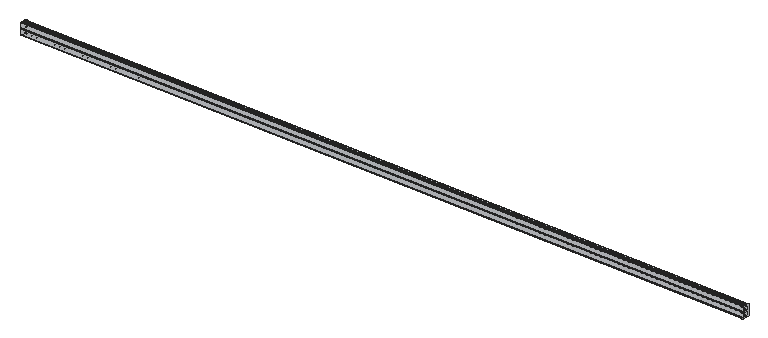
Revit family "Montageschiene 45- 90-2,5 D  6m fsv Langloch 2D", category HLS-Bauteile, Revit 2023
Family settings
  Bemaßung runder Anschluss = Durchmesser verwenden
  Teiletyp = Normal
  Arbeitsebenenbasiert = Ja
  Immer vertikal = Nein
  Beim Laden mit Abzugskörper schneiden = Nein
  Beschriftungsausrichtung beibehalten = Nein
  Gemeinsam genutzt = Ja
  Raumberechnungspunkt = Nein
Parameters
  vpe = "24"
  Widerstandsmoment Wz = "11.27 cm³"
  Widerstandsmoment Wy = "12.35 cm³"
  Default Elevation = 1219.2 mm
  Trägheitsradius iz = "1.90 cm"
  Trägheitsradius iy = "2.81 cm"
  Torsionswiderstandsmoment Wt = " cm³"
  Stärke = 2.5 mm
  Streckgrenze = "250 N/mm²"
  Schwerpunktabstand ez = "2.25 cm"
  Schwerpunktabstand eu = "4.50 cm"
  Schwerpunktabstand eo = "4.50 cm"
  Schlitzbreite = "22 mm"
  Regelhalter [instance] = ""
  Profiltyp = "45/90"
  Profil = "Doppel-C-Profil"
  Oberflaeche = "feuerstückverzinkt"
  Montagelänge [instance] = 6000 mm
  Mengeneinheit = "m"
  Materialname = "S235"
  Material = "Stahl"
  Länge = 6000 mm
  Lochdurchmesser = "18.00 mm"
  Langloch = "14.0 x 45.0 mm"
  Kurztext2 = "45 / 90 / 2,5 mm L= 6 m fsv"
  Kurztext1 = "Montageschiene C-Profil doppelt"
  Höhe = "90 mm"
  Gewicht pro Stück [instance] = (Gewicht * Montagelänge / (1000 mm * 1000 mm)) * 1000 mm  # 38.10 kg
  Gewicht pro Bauteil [instance] = Gewicht pro Stück  # 38.10 kg
  Gewicht = 6.35 kg
  Gesamtlänge [instance] = Montagelänge  # 6000 mm
  Gesamtgewicht [instance] = Gewicht pro Bauteil  # 38.10 kg
  Fläche (schwächster Profilquerschnitt) = 0.000705 m²
  Firma = "MEFA Befestigungs- und Montagesysteme GmbH"
  Fabrikat = "MEFA"
  Erweiterung Langloch = "18.0 mm"
  EAN = "4250928448149"
  Bund = "180 m"
  Breite = 45 mm
  Artikelnummer = "0821902625"
  Anzahl Langloch [instance] = Montagelänge / 105 mm  # 57
  Abmessung = "45/90/2.5 mm"
Reference planes
  plane 1 "Mitte (Vorne/hinten)": y = 0
  plane 2: z = 0
  plane 3 "Mitte (Links/rechts)": x = 0
  plane 4: x = 6000
Forms (mm)
  Extrusion 1, solid, detail levels fine
    sketch origin (0, 0, 0) x (0, 1, 0) y (0, 0, 1)
      loop
        arc (-22.5, 48.5) -> (-21.475, 46.025) -> (-19, 45) r 3.5
        arc (-19, 45) -> (-21.475, 43.975) -> (-22.5, 41.5) r 3.5
        line (-22.5, 41.5) -> (-22.5, 3)
        arc (-22.5, 3) -> (-21.621, 0.879) -> (-19.5, 0) r 3
        line (-19.5, 0) -> (-12, 0)
        arc (-12, 0) -> (-11.293, 0.293) -> (-11, 1) r 1
        line (-11, 1) -> (-11, 7.5) -> (-13.5, 7.5) -> (-13.5, 2.5) -> (-19.5, 2.5)
        arc (-19.5, 2.5) -> (-19.854, 2.646) -> (-20, 3) r 0.5
        line (-20, 3) -> (-20, 41.5)
        arc (-20, 41.5) -> (-19.707, 42.207) -> (-19, 42.5) r 1
        line (-19, 42.5) -> (19, 42.5)
        arc (19, 42.5) -> (19.707, 42.207) -> (20, 41.5) r 1
        line (20, 41.5) -> (20, 3)
        arc (20, 3) -> (19.854, 2.646) -> (19.5, 2.5) r 0.5
        line (19.5, 2.5) -> (13.5, 2.5) -> (13.5, 7.5) -> (11, 7.5) -> (11, 1)
        arc (11, 1) -> (11.293, 0.293) -> (12, 0) r 1
        line (12, 0) -> (19.5, 0)
        arc (19.5, 0) -> (21.621, 0.879) -> (22.5, 3) r 3
        line (22.5, 3) -> (22.5, 41.5)
        arc (22.5, 41.5) -> (21.475, 43.975) -> (19, 45) r 3.5
        arc (19, 45) -> (21.475, 46.025) -> (22.5, 48.5) r 3.5
        line (22.5, 48.5) -> (22.5, 87)
        arc (22.5, 87) -> (21.621, 89.121) -> (19.5, 90) r 3
        line (19.5, 90) -> (12, 90)
        arc (12, 90) -> (11.293, 89.707) -> (11, 89) r 1
        line (11, 89) -> (11, 82.5) -> (13.5, 82.5) -> (13.5, 87.5) -> (19.5, 87.5)
        arc (19.5, 87.5) -> (19.854, 87.354) -> (20, 87) r 0.5
        line (20, 87) -> (20, 48.5)
        arc (20, 48.5) -> (19.707, 47.793) -> (19, 47.5) r 1
        line (19, 47.5) -> (-19, 47.5)
        arc (-19, 47.5) -> (-19.707, 47.793) -> (-20, 48.5) r 1
        line (-20, 48.5) -> (-20, 87)
        arc (-20, 87) -> (-19.854, 87.354) -> (-19.5, 87.5) r 0.5
        line (-19.5, 87.5) -> (-13.5, 87.5) -> (-13.5, 82.5) -> (-11, 82.5) -> (-11, 89)
        arc (-11, 89) -> (-11.293, 89.707) -> (-12, 90) r 1
        line (-12, 90) -> (-19.5, 90)
        arc (-19.5, 90) -> (-21.621, 89.121) -> (-22.5, 87) r 3
        line (-22.5, 87) -> (-22.5, 48.5)
    from 0 to 6000
  Extrusion 2, solid, detail levels medium
    sketch origin (0, 0, 0) x (0, 1, 0) y (0, 0, 1)
      loop
        line (-22.5, 45) -> (-22.5, 0) -> (-11, 0) -> (-11, 7.5) -> (-13.5, 7.5) -> (-13.5, 2.5) -> (-20, 2.5) -> (-20, 42.5) -> (20, 42.5) -> (20, 2.5) -> (13.5, 2.5) -> (13.5, 7.5) -> (11, 7.5) -> (11, 0) -> (22.5, 0) -> (22.5, 45) -> (22.5, 90) -> (11, 90) -> (11, 82.5) -> (13.5, 82.5) -> (13.5, 87.5) -> (20, 87.5) -> (20, 47.5) -> (-20, 47.5) -> (-20, 87.5) -> (-13.5, 87.5) -> (-13.5, 82.5) -> (-11, 82.5) -> (-11, 90) -> (-22.5, 90) -> (-22.5, 45)
    from 0 to 6000
  Extrusion 3, solid, detail levels coarse
    sketch origin (0, 0, 0) x (0, 1, 0) y (0, 0, 1)
      loop
        line (-22.5, 45) -> (-22.5, 0) -> (22.5, 0) -> (22.5, 45) -> (22.5, 90) -> (-22.5, 90) -> (-22.5, 45)
    from 0 to 6000
Dimensions and locks
  "Montagelänge": plane 4 to plane 3 "Mitte (Links/rechts)"
  equal spacing: group 1, group 2, group 3, group 4, group 5, group 6, group 7, group 8, group 9, group 10, group 11, group 12, group 13, group 14, group 15, group 16, group 17, group 18, group 19, group 20, group 21, group 22, group 23, group 24, group 25, group 26, group 27, group 28, group 29, group 30, group 31, group 32, group 33, group 34, group 35, group 36, group 37, group 38, group 39, group 40, group 41, group 42, group 43, group 44, group 45, group 46, group 47, group 48, group 49, group 50, group 51, group 52, group 53, group 54, group 55, group 56, group 57  (x3)
  aligned and locked: level to plane 2
  aligned and locked: plane 4 to Extrusion 1
  aligned and locked: Extrusion 1 to plane 4
  aligned and locked: plane 4 to Extrusion 2
  aligned and locked: plane 4 to Extrusion 3
  aligned and locked: Extrusion 1 to plane 3 "Mitte (Links/rechts)"
  aligned and locked: Extrusion 2 to plane 3 "Mitte (Links/rechts)"
  aligned and locked: Extrusion 3 to plane 3 "Mitte (Links/rechts)"
  aligned and locked: plane 1 "Mitte (Vorne/hinten)" to nested 1
Automatic sketch dimensions
  Extrusion 1 sketch curve to Extrusion 1 sketch curve = 0 mm  (x24)
  level to Extrusion 1 sketch curve = 45 mm  (x4)
  level to Extrusion 1 sketch curve = 41.5 mm
  plane 1 "Mitte (Vorne/hinten)" to Extrusion 1 sketch curve = 22.5 mm
  Extrusion 1 sketch curve to Extrusion 1 sketch curve = 3.5 mm
  Extrusion 1 sketch curve to Extrusion 1 sketch curve = 2.5 mm  (x3)
  Extrusion 1 sketch curve to Extrusion 1 sketch curve = 0.5 mm  (x3)
  Extrusion 1 sketch curve to Extrusion 1 sketch curve = 6 mm  (x4)
  Extrusion 1 sketch curve to Extrusion 1 sketch curve = 1.5 mm  (x4)
  Extrusion 1 sketch curve to Extrusion 1 sketch curve = 1 mm  (x5)
  Extrusion 1 sketch curve to plane 1 "Mitte (Vorne/hinten)" = 11 mm  (x2)
  Extrusion 1 sketch curve to Extrusion 1 sketch curve = 34 mm  (x2)
  Extrusion 1 sketch curve to Extrusion 1 sketch curve = 4.5 mm  (x4)
  Extrusion 2 sketch curve to Extrusion 2 sketch curve = 2.5 mm  (x10)
  Extrusion 2 sketch curve to Extrusion 2 sketch curve = 6.5 mm  (x2)
  Extrusion 2 sketch curve to plane 1 "Mitte (Vorne/hinten)" = 11 mm  (x2)
  level to Extrusion 2 sketch curve = 42.5 mm
  Extrusion 2 sketch curve to plane 1 "Mitte (Vorne/hinten)" = 20 mm
  level to Extrusion 2 sketch curve = 47.5 mm
  Extrusion 2 sketch curve to Extrusion 2 sketch curve = 0 mm  (x3)
  Extrusion 2 sketch curve to Extrusion 2 sketch curve = 35 mm  (x2)
  Extrusion 2 sketch curve to Extrusion 2 sketch curve = 5 mm  (x4)
  plane 1 "Mitte (Vorne/hinten)" to Extrusion 2 sketch curve = 11 mm  (x2)
  level to Extrusion 2 sketch curve = 45 mm  (x2)
  plane 1 "Mitte (Vorne/hinten)" to Extrusion 3 sketch curve = 22.5 mm
  Extrusion 3 sketch curve to plane 1 "Mitte (Vorne/hinten)" = 22.5 mm
  level to Extrusion 3 sketch curve = 90 mm
  level to Extrusion 3 sketch curve = 45 mm  (x2)
  Extrusion 3 sketch curve to Extrusion 3 sketch curve = 45 mm
Nested families
  nested 1: "Langloch 14 x 45 18 2D" at (52.498, 0, 47.5), type "Langloch 14 x 45 18 2D", detail levels fine
  nested 2: "Langloch 14 x 45 18 2D" at (157.498, 0, 47.5), type "Langloch 14 x 45 18 2D", detail levels fine
  nested 3: "Langloch 14 x 45 18 2D" at (262.498, 0, 47.5), type "Langloch 14 x 45 18 2D", detail levels fine
  nested 4: "Langloch 14 x 45 18 2D" at (367.498, 0, 47.5), type "Langloch 14 x 45 18 2D", detail levels fine
  nested 5: "Langloch 14 x 45 18 2D" at (472.498, 0, 47.5), type "Langloch 14 x 45 18 2D", detail levels fine
  nested 6: "Langloch 14 x 45 18 2D" at (577.498, 0, 47.5), type "Langloch 14 x 45 18 2D", detail levels fine
  nested 7: "Langloch 14 x 45 18 2D" at (682.498, 0, 47.5), type "Langloch 14 x 45 18 2D", detail levels fine
  nested 8: "Langloch 14 x 45 18 2D" at (787.498, 0, 47.5), type "Langloch 14 x 45 18 2D", detail levels fine
  nested 9: "Langloch 14 x 45 18 2D" at (892.498, 0, 47.5), type "Langloch 14 x 45 18 2D", detail levels fine
  nested 10: "Langloch 14 x 45 18 2D" at (997.498, 0, 47.5), type "Langloch 14 x 45 18 2D", detail levels fine
  nested 11: "Langloch 14 x 45 18 2D" at (1102.498, 0, 47.5), type "Langloch 14 x 45 18 2D", detail levels fine
  nested 12: "Langloch 14 x 45 18 2D" at (1207.498, 0, 47.5), type "Langloch 14 x 45 18 2D", detail levels fine
  nested 13: "Langloch 14 x 45 18 2D" at (1312.498, 0, 47.5), type "Langloch 14 x 45 18 2D", detail levels fine
  nested 14: "Langloch 14 x 45 18 2D" at (1417.498, 0, 47.5), type "Langloch 14 x 45 18 2D", detail levels fine
  nested 15: "Langloch 14 x 45 18 2D" at (1522.498, 0, 47.5), type "Langloch 14 x 45 18 2D", detail levels fine
  nested 16: "Langloch 14 x 45 18 2D" at (1627.498, 0, 47.5), type "Langloch 14 x 45 18 2D", detail levels fine
  nested 17: "Langloch 14 x 45 18 2D" at (1732.498, 0, 47.5), type "Langloch 14 x 45 18 2D", detail levels fine
  nested 18: "Langloch 14 x 45 18 2D" at (1837.498, 0, 47.5), type "Langloch 14 x 45 18 2D", detail levels fine
  nested 19: "Langloch 14 x 45 18 2D" at (1942.498, 0, 47.5), type "Langloch 14 x 45 18 2D", detail levels fine
  nested 20: "Langloch 14 x 45 18 2D" at (2047.498, 0, 47.5), type "Langloch 14 x 45 18 2D", detail levels fine
  nested 21: "Langloch 14 x 45 18 2D" at (2152.498, 0, 47.5), type "Langloch 14 x 45 18 2D", detail levels fine
  nested 22: "Langloch 14 x 45 18 2D" at (2257.498, 0, 47.5), type "Langloch 14 x 45 18 2D", detail levels fine
  nested 23: "Langloch 14 x 45 18 2D" at (2362.498, 0, 47.5), type "Langloch 14 x 45 18 2D", detail levels fine
  nested 24: "Langloch 14 x 45 18 2D" at (2467.498, 0, 47.5), type "Langloch 14 x 45 18 2D", detail levels fine
  nested 25: "Langloch 14 x 45 18 2D" at (2572.498, 0, 47.5), type "Langloch 14 x 45 18 2D", detail levels fine
  nested 26: "Langloch 14 x 45 18 2D" at (2677.498, 0, 47.5), type "Langloch 14 x 45 18 2D", detail levels fine
  nested 27: "Langloch 14 x 45 18 2D" at (2782.498, 0, 47.5), type "Langloch 14 x 45 18 2D", detail levels fine
  nested 28: "Langloch 14 x 45 18 2D" at (2887.498, 0, 47.5), type "Langloch 14 x 45 18 2D", detail levels fine
  nested 29: "Langloch 14 x 45 18 2D" at (2992.498, 0, 47.5), type "Langloch 14 x 45 18 2D", detail levels fine
  nested 30: "Langloch 14 x 45 18 2D" at (3097.498, 0, 47.5), type "Langloch 14 x 45 18 2D", detail levels fine
  nested 31: "Langloch 14 x 45 18 2D" at (3202.498, 0, 47.5), type "Langloch 14 x 45 18 2D", detail levels fine
  nested 32: "Langloch 14 x 45 18 2D" at (3307.498, 0, 47.5), type "Langloch 14 x 45 18 2D", detail levels fine
  nested 33: "Langloch 14 x 45 18 2D" at (3412.498, 0, 47.5), type "Langloch 14 x 45 18 2D", detail levels fine
  nested 34: "Langloch 14 x 45 18 2D" at (3517.498, 0, 47.5), type "Langloch 14 x 45 18 2D", detail levels fine
  nested 35: "Langloch 14 x 45 18 2D" at (3622.498, 0, 47.5), type "Langloch 14 x 45 18 2D", detail levels fine
  nested 36: "Langloch 14 x 45 18 2D" at (3727.498, 0, 47.5), type "Langloch 14 x 45 18 2D", detail levels fine
  nested 37: "Langloch 14 x 45 18 2D" at (3832.498, 0, 47.5), type "Langloch 14 x 45 18 2D", detail levels fine
  nested 38: "Langloch 14 x 45 18 2D" at (3937.498, 0, 47.5), type "Langloch 14 x 45 18 2D", detail levels fine
  nested 39: "Langloch 14 x 45 18 2D" at (4042.498, 0, 47.5), type "Langloch 14 x 45 18 2D", detail levels fine
  nested 40: "Langloch 14 x 45 18 2D" at (4147.498, 0, 47.5), type "Langloch 14 x 45 18 2D", detail levels fine
  nested 41: "Langloch 14 x 45 18 2D" at (4252.498, 0, 47.5), type "Langloch 14 x 45 18 2D", detail levels fine
  nested 42: "Langloch 14 x 45 18 2D" at (4357.498, 0, 47.5), type "Langloch 14 x 45 18 2D", detail levels fine
  nested 43: "Langloch 14 x 45 18 2D" at (4462.498, 0, 47.5), type "Langloch 14 x 45 18 2D", detail levels fine
  nested 44: "Langloch 14 x 45 18 2D" at (4567.498, 0, 47.5), type "Langloch 14 x 45 18 2D", detail levels fine
  nested 45: "Langloch 14 x 45 18 2D" at (4672.498, 0, 47.5), type "Langloch 14 x 45 18 2D", detail levels fine
  nested 46: "Langloch 14 x 45 18 2D" at (4777.498, 0, 47.5), type "Langloch 14 x 45 18 2D", detail levels fine
  nested 47: "Langloch 14 x 45 18 2D" at (4882.498, 0, 47.5), type "Langloch 14 x 45 18 2D", detail levels fine
  nested 48: "Langloch 14 x 45 18 2D" at (4987.498, 0, 47.5), type "Langloch 14 x 45 18 2D", detail levels fine
  nested 49: "Langloch 14 x 45 18 2D" at (5092.498, 0, 47.5), type "Langloch 14 x 45 18 2D", detail levels fine
  nested 50: "Langloch 14 x 45 18 2D" at (5197.498, 0, 47.5), type "Langloch 14 x 45 18 2D", detail levels fine
  nested 51: "Langloch 14 x 45 18 2D" at (5302.498, 0, 47.5), type "Langloch 14 x 45 18 2D", detail levels fine
  nested 52: "Langloch 14 x 45 18 2D" at (5407.498, 0, 47.5), type "Langloch 14 x 45 18 2D", detail levels fine
  nested 53: "Langloch 14 x 45 18 2D" at (5512.498, 0, 47.5), type "Langloch 14 x 45 18 2D", detail levels fine
  nested 54: "Langloch 14 x 45 18 2D" at (5617.498, 0, 47.5), type "Langloch 14 x 45 18 2D", detail levels fine
  nested 55: "Langloch 14 x 45 18 2D" at (5722.498, 0, 47.5), type "Langloch 14 x 45 18 2D", detail levels fine
  nested 56: "Langloch 14 x 45 18 2D" at (5827.498, 0, 47.5), type "Langloch 14 x 45 18 2D", detail levels fine
  nested 57: "Langloch 14 x 45 18 2D" at (5932.498, 0, 47.5), type "Langloch 14 x 45 18 2D", detail levels fine
Definition of nested family "Langloch 14 x 45 18 2D"
  Parameters (values of type "Langloch 14 x 45 18 2D")
    Default Elevation = 1219.2 mm
  Reference planes
    plane 1 "Mitte (Vorne/hinten)": y = 0
    plane 2: z = 0
    plane 3 "Mitte (Links/rechts)": x = 0
  Forms (mm)
    Extrusion 1, solid
      sketch origin (0, 0, 0) x (1, 0, 0) y (0, 1, 0)
        loop
          line (-1219.2, 1219.2) -> (-1219.2, -1219.2) -> (1219.2, -1219.2) -> (1219.2, 1219.2) -> (-1219.2, 1219.2)
      from 0 to -304.8
  Lines and regions (mm)
    model lines
      curve 1: line (-15.498, 7, 0) -> (-5.645, 7, 0)
      curve 2: line (-15.498, -7, 0) -> (-5.645, -7, 0)
      curve 3: arc (15.692, 6.997, 0) -> (22.502, 0, 0) -> (15.692, -6.997, 0) r 7
      curve 6: arc (-15.498, 7, 0) -> (-22.498, 0, 0) -> (-15.498, -7, 0) r 7
      curve 7: line (-15.692, 7.5, 0) -> (-15.692, -7.5, 0)
      curve 8: line (-24.531, 0, 0) -> (24.555, 0, 0)
      curve 9: circle (52.502, 0, 0) r 9 normal (0, 0, 1)
      curve 10: line (52.502, 11, 0) -> (52.502, -11, 0)
      curve 12: line (42.937, 0, 0) -> (62.034, 0, 0)
      curve 13: arc (5.672, 6.997, 0) -> (0.014, 9, 0) -> (-5.645, 7, 0) r 9
      curve 14: line (15.692, 6.997, 0) -> (5.672, 6.997, 0)
      curve 15: line (15.692, -6.997, 0) -> (5.672, -6.997, 0)
      curve 16: arc (5.672, -6.997, 0) -> (0.014, -9, 0) -> (-5.645, -7, 0) r 9
      curve 17: line (0, 11, 0) -> (0, -11, 0)
      curve 19: line (15, 7.5, 0) -> (15, -7.5, 0)
    model lines, detail levels fine
      curve 4: line (-15.692, 0, 10) -> (-15.692, 0, -10)
      curve 5: line (15.692, 0, 10) -> (15.692, 0, -10)
      curve 11: line (52.502, 0, 10) -> (52.502, 0, -10)
      curve 18: line (0.014, 0, 10) -> (0.014, 0, -10)
  Dimensions and locks
    aligned and locked: plane 2 to Extrusion 1
    aligned and locked: level to Extrusion 1
    aligned and locked: curve 17 to plane 3 "Mitte (Links/rechts)"
